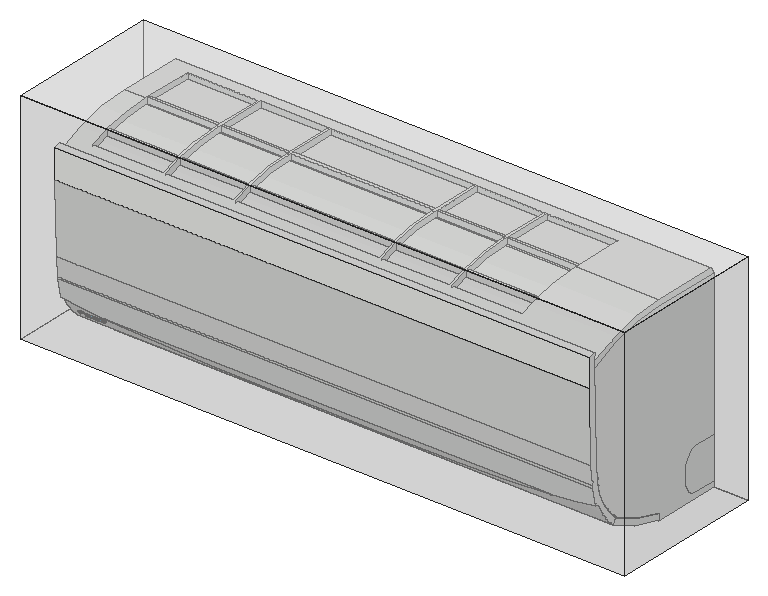
Revit family "outputfile", category 機械設備, Revit 2024
Family settings
  丸型コネクタ寸法 = 半径を使用
  パーツ タイプ = 標準
  OmniClass 番号 = 23.75.10.24.21.27.27
  OmniClass タイトル = Split System Air Conditioning Units
  作業面ベース = いいえ
  常に垂直 = はい
  ロード時にボイドで切り取り = いいえ
  注釈の向きを維持 = いいえ
  共有 = いいえ
  部屋計算ポイント = いいえ
Parameters (values of type "CTKC35RVM")
  Description = ""
  書き出し IFC クラス(タイプ) = "IfcUnitaryEquipmentType"
  定義済み IFC タイプ(タイプ) = "AIRCONDITIONINGUNIT"
  Cost = 0
  Type Comments = ""
  Keynote = ""
  Type Image = (empty or 0)
  Assembly Code = ""
  w_wall hole = if(Width = 770.0 mm, 48.0 mm, 60.0 mm)  # 48.0 mm
  製造元 = "Daikin"
  モデル = "CTKC35RVM"
  switch_frequency = yes
  r_Liquid Pipe Size = Liquid Pipe Size / 2  # 3.2 mm
  r_Gas Pipe Size = Gas Pipe Size / 2  # 4.75 mm
  r_Drain Pipe Size = Drain Pipe Size / 2  # 8.0 mm
  lw_powersupply [instance] = if(Width = 770.0 mm, if(or(Rear Right Connection_refrigerant, Bottom Right Connection_refrigerant), 25.0 mm, if(or(Rear Left Connection_refrigerant, Bottom Left Connection_refrigerant), 745.0 mm, 400.0 mm)), if(Width = 990.0 mm, if(or(Rear Right Connection_refrigerant, Bottom Right Connection_refrigerant), 40.0 mm, if(or(Rear Left Connection_refrigerant, Bottom Left Connection_refrigerant), 920.0 mm, 400.0 mm)), if(or(Rear Right Connection_refrigerant, Bottom Right Connection_refrigerant), 40.0 mm, if(or(Rear Left Connection_refrigerant, Bottom Left Connection_refrigerant), 920.0 mm, 400.0 mm))))  # 400.0 mm
  lw_liquidpipe [instance] = if(Width = 770.0 mm, if(or(Rear Right Connection_refrigerant, Bottom Right Connection_refrigerant), 0.0 mm, if(or(Rear Left Connection_refrigerant, Bottom Left Connection_refrigerant), 664.0 mm, 385.0 mm)), if(Width = 990.0 mm, if(or(Rear Right Connection_refrigerant, Bottom Right Connection_refrigerant), 0.0 mm, if(or(Rear Left Connection_refrigerant, Bottom Left Connection_refrigerant), 664.0 mm + (990.0 mm - 770.0 mm), 475.0 mm)), if(or(Rear Right Connection_refrigerant, Bottom Right Connection_refrigerant), 0.0 mm, if(or(Rear Left Connection_refrigerant, Bottom Left Connection_refrigerant), 664.0 mm + (990.0 mm - 770.0 mm), 475.0 mm))))  # 385.0 mm
  lw_gaspipe [instance] = if(Width = 770.0 mm, if(or(Rear Right Connection_refrigerant, Bottom Right Connection_refrigerant), 0.0 mm, if(or(Rear Left Connection_refrigerant, Bottom Left Connection_refrigerant), 675.0 mm, if(Gas Pipe Size = 12.7 mm, 345.0 mm, 335.0 mm))), if(Width = 990.0 mm, if(or(Rear Right Connection_refrigerant, Bottom Right Connection_refrigerant), 10.0 mm, if(or(Rear Left Connection_refrigerant, Bottom Left Connection_refrigerant), 890.0 mm, if(Gas Pipe Size = 15.9 mm, 410.0 mm, 400.0 mm))), if(or(Rear Right Connection_refrigerant, Bottom Right Connection_refrigerant), 10.0 mm, if(or(Rear Left Connection_refrigerant, Bottom Left Connection_refrigerant), 890.0 mm, if(Gas Pipe Size = 15.9 mm, 410.0 mm, 400.0 mm)))))  # 335.0 mm
  lw_drainpipe [instance] = if(Width = 770.0 mm, if(or(Rear Right Connection_refrigerant, Bottom Right Connection_refrigerant), 0.0 mm, if(or(Rear Left Connection_refrigerant, Bottom Left Connection_refrigerant), 770.0 mm - 48.0 mm - 48.0 mm, 440.0 mm)), if(Width = 990.0 mm, if(or(Rear Right Connection_refrigerant, Bottom Right Connection_refrigerant), 0.0 mm, if(or(Rear Left Connection_refrigerant, Bottom Left Connection_refrigerant), 675.0 mm + (990.0 mm - 770.0 mm), 435.0 mm)), if(or(Rear Right Connection_refrigerant, Bottom Right Connection_refrigerant), 0.0 mm, if(or(Rear Left Connection_refrigerant, Bottom Left Connection_refrigerant), 675.0 mm + (990.0 mm - 770.0 mm), 435.0 mm))))  # 440.0 mm
  l_powersupply_length [instance] = if(Width = 770.0 mm, if(Right Connection_refrigerant, 400.0 mm, if(Left Connection_refrigerant, 770.0 mm - 400.0 mm, if(or(Rear Left Connection_refrigerant, Rear Right Connection_refrigerant), 15.0 mm, 50.0 mm))), if(Width = 990.0 mm, if(Right Connection_refrigerant, 400.0 mm, if(Left Connection_refrigerant, 990.0 mm - 400.0 mm, if(or(Rear Left Connection_refrigerant, Rear Right Connection_refrigerant), 15.0 mm, 50.0 mm))), if(Right Connection_refrigerant, 400.0 mm, if(Left Connection_refrigerant, 990.0 mm - 400.0 mm, if(or(Rear Left Connection_refrigerant, Rear Right Connection_refrigerant), 15.0 mm, 50.0 mm)))))  # 400.0 mm
  l_liquidpipe_length [instance] = if(Width = 770.0 mm, if(Right Connection_refrigerant, 433.0 mm, if(Left Connection_refrigerant, 337.0 mm, if(or(Rear Left Connection_refrigerant, Rear Right Connection_refrigerant), 30.0 mm, 40.0 mm))), if(Width = 990.0 mm, if(Right Connection_refrigerant, 535.0 mm, if(Left Connection_refrigerant, 455.0 mm, if(or(Rear Left Connection_refrigerant, Rear Right Connection_refrigerant), 30.0 mm, 40.0 mm))), if(Right Connection_refrigerant, 535.0 mm, if(Left Connection_refrigerant, 455.0 mm, if(or(Rear Left Connection_refrigerant, Rear Right Connection_refrigerant), 30.0 mm, 40.0 mm)))))  # 433.0 mm
  l_gaspipe_length [instance] = if(Width = 770.0 mm, if(Right Connection_refrigerant, if(Gas Pipe Size = 12.7 mm, 393.0 mm, 383.0 mm), if(Left Connection_refrigerant, if(Gas Pipe Size = 12.7 mm, 770.0 mm - 393.0 mm, 770.0 mm - 383.0 mm), if(or(Rear Left Connection_refrigerant, Rear Right Connection_refrigerant), 40.0 mm, 50.0 mm))), if(Width = 990.0 mm, if(Right Connection_refrigerant, if(Gas Pipe Size = 15.9 mm, 470.0 mm, 460.0 mm), if(Left Connection_refrigerant, if(Gas Pipe Size = 15.9 mm, 990.0 mm - 470.0 mm, 990.0 mm - 460.0 mm), if(or(Rear Left Connection_refrigerant, Rear Right Connection_refrigerant), 40.0 mm, 50.0 mm))), if(Right Connection_refrigerant, if(Gas Pipe Size = 15.9 mm, 470.0 mm, 460.0 mm), if(Left Connection_refrigerant, if(Gas Pipe Size = 15.9 mm, 990.0 mm - 470.0 mm, 990.0 mm - 460.0 mm), if(or(Rear Left Connection_refrigerant, Rear Right Connection_refrigerant), 40.0 mm, 50.0 mm)))))  # 383.0 mm
  l_drainpipe_length [instance] = if(Width = 770.0 mm, if(Right Connection_refrigerant, 488.0 mm, if(Left Connection_refrigerant, 282.0 mm, if(or(Rear Left Connection_refrigerant, Rear Right Connection_refrigerant), 15.0 mm, 20.0 mm))), if(Width = 990.0 mm, if(Right Connection_refrigerant, 495.0 mm, if(Left Connection_refrigerant, 495.0 mm, if(or(Rear Left Connection_refrigerant, Rear Right Connection_refrigerant), 15.0 mm, 20.0 mm))), if(Right Connection_refrigerant, 495.0 mm, if(Left Connection_refrigerant, 495.0 mm, if(or(Rear Left Connection_refrigerant, Rear Right Connection_refrigerant), 15.0 mm, 20.0 mm)))))  # 488.0 mm
  h*** = 0.0 mm  # constant formula
  connector_voltage = Voltage_50Hz  # 230 V
  connector_powerinput = [Power Input (Cooling)]  # 0.000 kW
  connector_phase = Phase_50Hz  # 1
  angle_vertical [instance] = if(or(Bottom Left Connection_refrigerant, Bottom Right Connection_refrigerant), 0.00°, 90.00°)  # 90.00°
  angle_horizontal [instance] = if(Right Connection_refrigerant, 90.00°, if(Left Connection_refrigerant, -90.00°, if(or(Rear Left Connection_refrigerant, Rear Right Connection_refrigerant), 180.00°, 0.00°)))  # 90.00°
  Width = 770.0 mm
  Voltage_comment_50Hz = "220 - 240"
  Voltage_50Hz = 230 V
  Version = "ver.1.0"
  Unit Type = "Wall Mounted"
  Unit Mass Weight = 9.00 kg
  Unit Designation [instance] = ""
  Uniclass2015Version = "Products v1.30"
  Uniclass2015Title = "Split coil room air conditioning units"
  Uniclass2015Code = "Pr_70_65_03_86"
  URL = ""
  Total Cooling Capacity [instance] = 0.000 kW
  Sound Pressure Level_M speed (dBA) = 0
  Sound Pressure Level_L speed (dBA) = 22
  Sound Pressure Level_H speed (dBA) = 39
  Sound Power Level_H speed (dB) = 0
  Series = "Multi Split_Fan Coil Unit"
  Sensible Cooling Capacity [instance] = 0.000 kW
  Refrigerant Type = "R32"
  Power Input (Cooling) = 0.000 kW
  Phase_50Hz = 1
  Option Accessory 3 [instance] = ""
  Option Accessory 2 [instance] = ""
  Option Accessory 1 [instance] = ""
  Nominal Cooling Capacity = 3.500 kW
  Minimum Circuit Amps_50Hz = 0.0 A
  Minimum Airflow = 402.00 m³/h
  Median Airflow = 558.00 m³/h
  Maximum Fuse Amps_50Hz = 0.0 A
  Maximum Airflow = 690.00 m³/h
  Material_Casing = DAIKIN_White_Casing_indoorunit
  Load Classification = HVAC
  Liquid Pipe Size = 6.4 mm
  Link_Nested Family [instance] = ""
  IfcVersion = ""
  IfcExportType = "AIRCONDITIONINGUNIT"
  IfcExportAs = "IfcUnitaryEquipmentType"
  Height = 285.0 mm
  Heat Exchanger Type = "Cross Fin Coil"
  Gas Pipe Size = 9.5 mm
  Frequency_50Hz = 50 Hz
  Fan Type = "Cross Flow Fan"
  Fan Drive = "Direct Drive"
  FCU Tag No. [instance] = ""
  Drain Pipe Size = 16.0 mm
  Design Supply Airflow [instance] = 0.00 m³/h
  Depth = 223.0 mm
  既定の高さ = 0.0 mm
  Cooling Entering Wet Bulb Temperature [instance] = 0.00 °C
  Cooling Entering Dry Bulb Temperature [instance] = 0.00 °C
  Cooling Ambient Wet Bulb Temperature [instance] = 0.00 °C
  Cooling Ambient Dry Bulb Temperature [instance] = 0.00 °C
  Clearance visibility [instance] = yes
  Clearance Top = 30.0 mm
  Clearance Right = 50.0 mm
  Clearance Rear = 0.0 mm
  Clearance Left = 50.0 mm
  Clearance Front = 0.0 mm
  Clearance Bottom = 0.0 mm
  Bottom Right Connection_refrigerant [instance] = no
  Bottom Left Connection_refrigerant [instance] = no
  Rear Right Connection_refrigerant [instance] = no
  Rear Left Connection_refrigerant [instance] = no
  Right Connection_refrigerant [instance] = yes
  Left Connection_refrigerant [instance] = no
Reference planes
  plane 1 "Back": y = 0
  plane 2: z = 0
  plane 3 "Center (Left/Right)": x = 0
  plane 4 "Center (Front/Back)": y = -111.5
  plane 5 "Front": y = -223
  plane 6 "Left": x = -385
  plane 7 "Right": x = 385
  plane 8 "Top": z = 0
  plane 9 "Bottom": z = -285
  plane 10: x = -435
  plane 11: x = 435
  plane 12: y = 0
  plane 13: y = -223
  plane 14: z = 30
  plane 15: z = -285
  plane 16 "lw_Piping and Wiring intake": x = 337
  plane 17 "lw_gaspipe": x = 2
  plane 18 "lw_liquidpipe": x = -48
  plane 19 "lw_drainpipe": x = -103
  plane 20 "lh_drainpipe": z = -265
  plane 21 "lh_liquidpipe": z = -245
  plane 22 "lh_gaspipe": z = -235
  plane 23 "ld_drainpipe": y = -15
  plane 24 "ld_liquidpipe": y = -30
  plane 25 "ld_gaspipe": y = -40
  plane 26 "lw_powersupply": x = -15
Dimensions and locks
  equal spacing: plane 6 "Left", plane 3 "Center (Left/Right)", plane 7 "Right"
  "Width": plane 6 "Left" to plane 7 "Right"
  equal spacing: plane 5 "Front", plane 4 "Center (Front/Back)", plane 1 "Back"
  "Depth": plane 5 "Front" to plane 1 "Back"
  "Height": plane 8 "Top" to plane 9 "Bottom"
  "Clearance Rear": plane 12 to plane 1 "Back"
  "Clearance Front": plane 13 to plane 5 "Front"
  "Clearance Top": plane 14 to plane 8 "Top"
  "Clearance Bottom": plane 9 "Bottom" to plane 15
  "w_wall hole": plane 16 "lw_Piping and Wiring intake" to plane 7 "Right"
  "lw_gaspipe": plane 17 "lw_gaspipe" to plane 16 "lw_Piping and Wiring intake"
  "lw_liquidpipe": plane 18 "lw_liquidpipe" to plane 16 "lw_Piping and Wiring intake"
  "lw_drainpipe": plane 19 "lw_drainpipe" to plane 16 "lw_Piping and Wiring intake"
  locked: plane 20 "lh_drainpipe" to plane 9 "Bottom" at 20
  locked: plane 21 "lh_liquidpipe" to plane 9 "Bottom" at 40
  locked: plane 22 "lh_gaspipe" to plane 9 "Bottom" at 50
  locked: plane 23 "ld_drainpipe" to plane 1 "Back" at 15
  locked: plane 1 "Back" to plane 24 "ld_liquidpipe" at 30
  locked: plane 1 "Back" to plane 25 "ld_gaspipe" at 40
  "lw_powersupply": plane 26 "lw_powersupply" to plane 7 "Right"
  "Clearance Right": plane 7 "Right" to plane 11
  "Clearance Left": plane 10 to plane 6 "Left"
  aligned and locked: level to plane 2
  aligned and locked: plane 12 to nested 1
  aligned and locked: nested 1 to plane 13
  aligned and locked: plane 10 to nested 1
  aligned and locked: plane 11 to nested 1
  aligned and locked: plane 15 to nested 1
  aligned and locked: plane 14 to nested 1
  aligned and locked: plane 17 "lw_gaspipe" to nested 2
  aligned and locked: nested 2 to plane 25 "ld_gaspipe"
  aligned and locked: plane 18 "lw_liquidpipe" to nested 3
  aligned and locked: nested 3 to plane 24 "ld_liquidpipe"
  aligned and locked: plane 19 "lw_drainpipe" to nested 4
  aligned and locked: nested 4 to plane 23 "ld_drainpipe"
  aligned and locked: nested 5 to plane 23 "ld_drainpipe"
  aligned and locked: plane 26 "lw_powersupply" to nested 5
  aligned and locked: level to plane 8 "Top"
  aligned and locked: plane 3 "Center (Left/Right)" to nested 6
  aligned and locked: plane 1 "Back" to nested 6
  aligned and locked: plane 8 "Top" to nested 6
Nested families
  nested 1: "daikin_clearancespace" at (0, -111.5, -127.381), show <- "Clearance visibility", visible <- "Clearance visibility", Link_Nested Family <- "Link_Nested Family", type "daikin_clearancespace"
    with width 870.0 mm, show yes, height 315.0 mm, depth 223.0 mm, Link_Nested Family ""
  nested 2: "daikin_connector_rotate3" at (2, -40, -235), angle_vertical <- "angle_vertical", angle_horizontal <- "angle_horizontal", length <- "l_gaspipe_length", radius <- "r_Gas Pipe Size", type "daikin_connector_rotate3"
    with show no, radius 4.75 mm, length 383.0 mm, angle_vertical 90.00°, angle_horizontal 90.00°
  nested 3: "daikin_connector_rotate3" at (-48, -30, -245), angle_vertical <- "angle_vertical", angle_horizontal <- "angle_horizontal", radius <- "r_Liquid Pipe Size", length <- "l_liquidpipe_length", type "daikin_connector_rotate3"
    with show no, radius 3.2 mm, length 433.0 mm, angle_vertical 90.00°, angle_horizontal 90.00°
  nested 4: "daikin_connector_rotate3" at (-103, -15, -265), angle_vertical <- "angle_vertical", angle_horizontal <- "angle_horizontal", length <- "l_drainpipe_length", radius <- "r_Drain Pipe Size", type "daikin_connector_rotate3"
    with show no, radius 8.0 mm, length 488.0 mm, angle_vertical 90.00°, angle_horizontal 90.00°
  nested 5: "daikin_connector_rotate3" at (-15, -15, -235), angle_vertical <- "angle_vertical", angle_horizontal <- "angle_horizontal", length <- "l_powersupply_length", type "daikin_connector_rotate3"
    with show no, radius 10.0 mm, length 400.0 mm, angle_vertical 90.00°, angle_horizontal 90.00°
  nested 6: "DAIKIN_indoorunit_CTKC-RVM" at (-31, 0, 0), type "CTKC-RVM"
Connectors
  piping at (385, -40, -235), diameter 9.5, driven by "r_Gas Pipe Size"
    settings: on nested 2, index 1, connector inside diameter 609.6 mm, connector length 0.0 mm, flow factor 0, pipe flow 0.00 m³/h, pressure drop 0.0 Pa, fitting loss kfactor 0, connector angle 0.00°, fixture units 0, engagement length 0.0 mm, angle of deflection 0.00°, flow configuration 1, flow direction 2, fitting loss method 0, system type 29, joint type 0, gender type 0, connector reference index -1, connector utility 0, adjustable connector no, is connector primary yes, connector description "Refrigerant Gas Piping"
  piping at (385, -30, -245), diameter 6.4, driven by "r_Liquid Pipe Size"
    settings: on nested 3, index 2, connector inside diameter 609.6 mm, connector length 0.0 mm, flow factor 0, pipe flow 0.00 m³/h, pressure drop 0.0 Pa, fitting loss kfactor 0, connector angle 0.00°, fixture units 0, engagement length 0.0 mm, angle of deflection 0.00°, flow configuration 1, flow direction 1, fitting loss method 0, system type 29, joint type 0, gender type 0, connector reference index -1, connector utility 0, adjustable connector no, is connector primary no, connector description "Refrigerant Liquid Piping"
  piping at (385, -15, -265), diameter 16, driven by "r_Drain Pipe Size"
    settings: on nested 4, index 3, connector inside diameter 609.6 mm, connector length 0.0 mm, flow factor 0, pipe flow 0.00 m³/h, pressure drop 0.0 Pa, fitting loss kfactor 0, connector angle 0.00°, fixture units 0, engagement length 0.0 mm, angle of deflection 0.00°, flow configuration 1, flow direction 2, fitting loss method 4, system type 16, joint type 0, gender type 0, connector reference index -1, connector utility 0, adjustable connector no, is connector primary no, connector description "Condensate Drain Piping"
  electrical at (385, -15, -235), driven by "Load Classification", driven by "connector_powerinput", driven by "connector_phase", driven by "connector_voltage"
    settings: on nested 5, index 4, voltage 230 V, apparent load 0 VA, apparent load phase1 0 VA, apparent load phase2 0 VA, apparent load phase3 0 VA, power factor 1, load classification "HVAC", number of poles 1, system type 30, power factor state 1, is connector primary yes, connector utility no, sub classification motor no, connector description "Power Supply"
Definition of nested family "daikin_clearancespace"
  Parameters (values of type "daikin_clearancespace")
    Description = "daikin_clearancespace"
    width [instance] = 1823.963 mm
    show [instance] = yes
    material = none
    height [instance] = 1359.762 mm
    depth [instance] = 880.0 mm
    Default Elevation = 0.0 mm
    Link_Nested Family [instance] = ""
  Reference planes
    plane 1 "Center (Front/Back)": y = 0
    plane 2 "Center (Elevation)": z = -0.119
    plane 3 "Center (Left/Right)": x = 0
    plane 4: y = 440
    plane 5: y = -440
    plane 6 "Right": x = 911.982
    plane 7 "Left": x = -911.982
    plane 8 "Top": z = 679.762
    plane 9 "Bottom": z = -680
  Forms (mm)
    Extrusion 1, solid, material <- "material", visible <- "show"
      sketch origin (0, 0, 0) x (1, 0, 0) y (0, 1, 0)
        loop
          line (-911.982, 440) -> (-911.982, -440) -> (911.982, -440) -> (911.982, 440) -> (-911.982, 440)
      from -680 to 679.762
  Lines and regions (mm)
    symbolic lines, visible <- "show"
      curve 1: line (911.982, 440, 0) -> (-911.982, 440, 0)
      curve 2: line (-911.982, 440, 0) -> (-911.982, -440, 0)
      curve 3: line (-911.982, -440, 0) -> (911.982, -440, 0)
      curve 4: line (911.982, -440, 0) -> (911.982, 440, 0)
      curve 5: line (911.982, 0, 679.762) -> (-911.982, 0, 679.762)
      curve 6: line (911.982, 0, -680) -> (911.982, 0, 679.762)
      curve 7: line (-911.982, 0, -680) -> (911.982, 0, -680)
      curve 8: line (-911.982, 0, 679.762) -> (-911.982, 0, -680)
      curve 9: line (0, 440, 679.762) -> (0, -440, 679.762)
      curve 10: line (0, -440, 679.762) -> (0, -440, -680)
      curve 11: line (0, 440, -680) -> (0, 440, 679.762)
      curve 12: line (0, -440, -680) -> (0, 440, -680)
  Dimensions and locks
    "width": plane 7 "Left" to plane 6 "Right"
    "depth": plane 4 to plane 5
    "height": plane 8 "Top" to plane 9 "Bottom"
    equal spacing: plane 7 "Left", plane 3 "Center (Left/Right)", plane 6 "Right"
    equal spacing: plane 4, plane 1 "Center (Front/Back)", plane 5
    equal spacing: plane 8 "Top", plane 2 "Center (Elevation)", plane 9 "Bottom"
    aligned and locked: level to plane 2 "Center (Elevation)"
    aligned and locked: Extrusion 1 sketch curve to plane 4
    aligned and locked: plane 7 "Left" to Extrusion 1 sketch curve
    aligned and locked: Extrusion 1 sketch curve to plane 5
    aligned and locked: Extrusion 1 sketch curve to plane 6 "Right"
    aligned and locked: plane 8 "Top" to Extrusion 1
    aligned and locked: curve 1 to Extrusion 1
    aligned and locked: curve 2 to Extrusion 1
    aligned and locked: curve 3 to Extrusion 1
    aligned and locked: curve 4 to Extrusion 1
    aligned and locked: curve 5 to Extrusion 1
    aligned and locked: curve 6 to Extrusion 1
    aligned and locked: curve 7 to Extrusion 1
    aligned and locked: curve 8 to Extrusion 1
    aligned and locked: curve 9 to Extrusion 1
    aligned and locked: curve 10 to Extrusion 1
    aligned and locked: curve 11 to Extrusion 1
    aligned and locked: curve 12 to Extrusion 1
    aligned and locked: Extrusion 1 to plane 9 "Bottom"
Definition of nested family "DAIKIN_indoorunit_CTKC-RVM"
  Parameters (values of type "FTKM-QVMA")
    Material_Casing = none
    Default Elevation = 0.0 mm
  Reference planes
    plane 1 "Center (Front/Back)": y = 0
    plane 2 "reference_level": z = 0
    plane 3 "Center (Left/Right)": x = 31
    plane 4: x = -354
    plane 5: x = 416
    plane 6: z = -285
  Forms (mm)
    Extrusion 1, solid, material <- "Material_Casing"
      sketch origin (29, 0, 0) x (0, 1, 0) y (0, 0, 1)
        loop
          line (-5, 0) -> (-98, 0)
          arc (-98, 0) -> (-157.611, -7.211) -> (-213.783, -28.427) r 250
          arc (-213.783, -28.427) -> (-213.842, -32.972) -> (-213.892, -37.516) r 2191
          arc (-213.892, -37.516) -> (-157.832, -15.495) -> (-98.07, -8) r 242
          line (-98.07, -8) -> (0, -8) -> (-5, 0)
      from -383 to 387
    Extrusion 2, solid, material <- "Material_Casing"
      sketch origin (416, 1296.25, 1200) x (0, 1, 0) y (0, 0, 1)
        loop
          line (-1472.998, -1446.91) -> (-1476.998, -1453.839)
          arc (-1476.998, -1453.839) -> (-1437.481, -1472.422) -> (-1395.25, -1483.538) r 240
          line (-1395.25, -1483.538) -> (-1395.25, -1475.422)
          arc (-1395.25, -1475.422) -> (-1435.407, -1464.663) -> (-1472.998, -1446.91) r 232
      from 0 to -47.5
    Extrusion 3, solid, material <- "Material_Casing"
      sketch origin (29, 0, 0) x (0, 1, 0) y (0, 0, 1)
        loop
          arc (-223, -60.455) -> (-222.414, -110.646) -> (-220.656, -160.81) r 2149.92
          arc (-220.656, -160.81) -> (-219.65, -174.299) -> (-217.853, -187.706) r 229.911
          arc (-217.853, -187.706) -> (-205.371, -223.594) -> (-181.517, -253.17) r 111
          line (-181.517, -253.17) -> (-177.429, -246.093)
          arc (-177.429, -246.093) -> (-198.77, -218.989) -> (-209.965, -186.36) r 103
          arc (-209.965, -186.36) -> (-211.681, -173.586) -> (-212.651, -160.735) r 221.844
          arc (-212.651, -160.735) -> (-214.739, -93.233) -> (-214.74, -25.699) r 2186.828
          arc (-214.74, -25.699) -> (-214.671, -21.467) -> (-214.594, -17.235) r 2192
          line (-214.594, -17.235) -> (-223, -19.961) -> (-223, -60.455)
      from -383 to 387
    Extrusion 4, solid, material <- "Material_Casing"
      sketch origin (29, 0, 0) x (0, 1, 0) y (0, 0, 1)
        loop
          line (-181.517, -253.17) -> (-179.597, -249.846)
          arc (-179.597, -249.846) -> (-202.009, -221.399) -> (-213.189, -186.952) r 103
          line (-213.189, -186.952) -> (-217.853, -187.706)
          arc (-217.853, -187.706) -> (-217.533, -189.556) -> (-217.182, -191.4) r 111
          arc (-217.182, -191.4) -> (-213.806, -208.181) -> (-210.362, -224.948) r 4257.809
          arc (-210.362, -224.948) -> (-198.886, -237.857) -> (-186.225, -249.607) r 180
          line (-186.225, -249.607) -> (-181.517, -253.17)
      from -383 to 387
    Extrusion 5, solid, material <- "Material_Casing"
      sketch origin (29, 0, -20) x (0, 1, 0) y (0, 0, 1)
        loop
          line (0, -265) -> (0, 12) -> (-98.07, 12)
          arc (-98.07, 12) -> (-157.832, 4.505) -> (-213.892, -17.516) r 242
          arc (-213.892, -17.516) -> (-213.638, -79.114) -> (-211.653, -140.681) r 2191
          arc (-211.653, -140.681) -> (-210.685, -153.501) -> (-208.973, -166.243) r 221
          arc (-208.973, -166.243) -> (-197.471, -199.282) -> (-175.482, -226.491) r 102
          arc (-175.482, -226.491) -> (-138.004, -244.019) -> (-98, -254.579) r 231
          line (-98, -254.579) -> (-98, -265) -> (0, -265)
      from -383 to 387
    Extrusion 6, solid, material <- "Material_Casing"
      sketch origin (-354, 1296.25, 1200) x (0, 1, 0) y (0, 0, 1)
        loop
          line (-1472.998, -1446.91) -> (-1476.998, -1453.839)
          arc (-1476.998, -1453.839) -> (-1437.481, -1472.422) -> (-1395.25, -1483.538) r 240
          line (-1395.25, -1483.538) -> (-1395.25, -1475.422)
          arc (-1395.25, -1475.422) -> (-1435.407, -1464.663) -> (-1472.998, -1446.91) r 232
      from 47 to 0
    Extrusion 7, solid, material <- "Material_Casing"
      sketch origin (416, 1296.25, 1200) x (0, 1, 0) y (0, 0, 1)
        loop
          line (-1472.998, -1446.91) -> (-1476.998, -1453.839)
          arc (-1476.998, -1453.839) -> (-1443.437, -1470.168) -> (-1407.75, -1481.097) r 240
          line (-1407.75, -1481.097) -> (-1407.75, -1472.894)
          arc (-1407.75, -1472.894) -> (-1441.363, -1462.385) -> (-1472.998, -1446.91) r 232
      from -116.993 to -48.493
    Extrusion 8, solid, material <- "Material_Casing"
      sketch origin (416, 1296.25, 1200) x (0, 1, 0) y (0, 0, 1)
        loop
          line (-1472.998, -1446.91) -> (-1476.998, -1453.839)
          arc (-1476.998, -1453.839) -> (-1443.437, -1470.168) -> (-1407.75, -1481.097) r 240
          line (-1407.75, -1481.097) -> (-1407.75, -1472.894)
          arc (-1407.75, -1472.894) -> (-1441.363, -1462.385) -> (-1472.998, -1446.91) r 232
      from -717 to -121.993
    Extrusion 9, void
      sketch origin (31, 0, -235) x (1, 0, 0) y (0, 1, 0)
        loop
          line (-252.674, -22.316) -> (-354.941, -22.316) -> (-354.941, -91.341) -> (-252.674, -91.341) -> (-252.674, -22.316)
        loop
          line (-249.341, -91.341) -> (-151.574, -91.341) -> (-151.574, -22.316) -> (-249.341, -22.316) -> (-249.341, -91.341)
        loop
          line (58.309, -22.316) -> (-148.309, -22.316) -> (-148.309, -91.341) -> (58.309, -91.341) -> (58.309, -22.316)
        loop
          line (61.689, -22.316) -> (61.689, -91.341) -> (159.457, -91.341) -> (159.457, -22.316) -> (61.689, -22.316)
        loop
          line (162.789, -22.316) -> (162.789, -91.341) -> (265.057, -91.341) -> (265.057, -22.316) -> (162.789, -22.316)
        loop
          line (-354.941, -94.659) -> (-354.941, -165.259) -> (-252.674, -165.259) -> (-252.674, -94.659) -> (-354.941, -94.659)
        loop
          line (-249.341, -94.659) -> (-249.341, -165.259) -> (-151.574, -165.259) -> (-151.574, -94.659) -> (-249.341, -94.659)
        loop
          line (-148.309, -94.659) -> (-148.309, -165.259) -> (58.309, -165.259) -> (58.309, -94.659) -> (-148.309, -94.659)
        loop
          line (61.689, -94.659) -> (61.689, -165.259) -> (159.457, -165.259) -> (159.457, -94.659) -> (61.689, -94.659)
        loop
          line (162.789, -94.659) -> (162.789, -165.259) -> (265.057, -165.259) -> (265.057, -94.659) -> (162.789, -94.659)
        loop
          line (-354.941, -167.382) -> (-354.941, -192.681) -> (-252.674, -192.681) -> (-252.674, -167.382) -> (-354.941, -167.382)
        loop
          line (-249.341, -167.382) -> (-249.341, -192.681) -> (-151.574, -192.681) -> (-151.574, -167.382) -> (-249.341, -167.382)
        loop
          line (-148.309, -167.382) -> (-148.309, -192.681) -> (58.309, -192.681) -> (58.309, -167.382) -> (-148.309, -167.382)
        loop
          line (159.457, -167.382) -> (61.689, -167.382) -> (61.689, -192.681) -> (159.457, -192.681) -> (159.457, -167.382)
        loop
          line (265.057, -167.382) -> (162.789, -167.382) -> (162.789, -192.681) -> (265.057, -192.681) -> (265.057, -167.382)
      from 201.638 to 250
    Extrusion 10, void
      sketch origin (31, 0, 0) x (1, 0, 0) y (0, 0, 1)
        loop
          arc (597, -174.907) -> (0.056, -245.263) -> (-597, -175.856) r 2585.042
          line (-597, -175.856) -> (-597, -352.872) -> (597, -352.872) -> (597, -174.907)
      from 173 to 315.3
    Extrusion 11, solid, material <- "Material_Casing"
      sketch origin (31, 0, 0) x (1, 0, 0) y (0, 0, 1)
        loop
          circle (337, -240.5) r 32.5
        loop
          circle (-337, -240.5) r 32.5
      from 0 to 5
    Extrusion 12, solid, material <- "Material_Casing"
      sketch origin (416, 1296.25, 1200) x (0, -1, 0) y (0, 0, 1)
        loop
          line (1326.25, -1417) -> (1296.25, -1417) -> (1296.25, -1477) -> (1326.25, -1477)
          arc (1326.25, -1477) -> (1340.393, -1471.142) -> (1346.25, -1457) r 20
          line (1346.25, -1457) -> (1346.25, -1437)
          arc (1346.25, -1437) -> (1340.393, -1422.858) -> (1326.25, -1417) r 20
      from 0 to 5
    Extrusion 13, solid, material <- "Material_Casing"
      sketch origin (-354, 1296.25, 1200) x (0, 1, 0) y (0, 0, 1)
        loop
          line (-1296.25, -1417) -> (-1326.25, -1417)
          arc (-1326.25, -1417) -> (-1340.393, -1422.858) -> (-1346.25, -1437) r 20
          line (-1346.25, -1437) -> (-1346.25, -1457)
          arc (-1346.25, -1457) -> (-1340.393, -1471.142) -> (-1326.25, -1477) r 20
          line (-1326.25, -1477) -> (-1296.25, -1477) -> (-1296.25, -1417)
      from 0 to 5
    Extrusion 14, solid, material <- "Material_Casing"
      sketch origin (31, 0, -285) x (-1, 0, 0) y (0, -1, 0)
        loop
          line (-314, 0) -> (-314, 30)
          arc (-314, 30) -> (-319.858, 44.142) -> (-334, 50) r 20
          line (-334, 50) -> (-354, 50)
          arc (-354, 50) -> (-368.142, 44.142) -> (-374, 30) r 20
          line (-374, 30) -> (-374, 0) -> (-314, 0)
        loop
          line (374, 0) -> (374, 30)
          arc (374, 30) -> (368.142, 44.142) -> (354, 50) r 20
          line (354, 50) -> (334, 50)
          arc (334, 50) -> (319.858, 44.142) -> (314, 30) r 20
          line (314, 30) -> (314, 0) -> (374, 0)
      from 0 to 5
  Cuts and joins
    Extrusion 9 cuts Extrusion 1
    Extrusion 10 cuts Extrusion 4
    joined: Extrusion 3, Extrusion 4
  Lines and regions (mm)
    reference lines
      curve 1: line (-523, -201.911, -229.404) -> (-523, -193.542, -239.977)
  Dimensions and locks
    locked: Extrusion 10 sketch curve to Extrusion 10 sketch curve at 1194
    Extrusion 10 sketch curve to Extrusion 10 sketch curve = 1194.0 mm
    locked: Extrusion 12 sketch curve to Extrusion 12 sketch curve at 60
    locked: Extrusion 12 sketch curve to Extrusion 12 sketch curve at 50
    locked: Extrusion 14 sketch curve to Extrusion 14 sketch curve at 60  (x2)
    locked: Extrusion 14 sketch curve to Extrusion 14 sketch curve at 50
    equal spacing: plane 5, plane 3 "Center (Left/Right)", plane 4
    plane 5 to plane 4 = 770.0 mm
    locked: Extrusion 11 sketch curve to plane 4 at 48
    plane 5 to Extrusion 11 sketch curve = 48.0 mm
    plane 2 "reference_level" to plane 6 = 285.0 mm
    locked: Extrusion 11 sketch curve to plane 6 at 44.5  (x2)
    locked: cut or joined group of Extrusion 3, Extrusion 4, Extrusion 10 to nested 1 at 15
    diameter of Extrusion 11 sketch curve = 65.0 mm  (x2)
    aligned and locked: level to plane 2 "reference_level"
    aligned and locked: nested 1 to curve 1
    aligned and locked: Extrusion 13 sketch curve to Extrusion 12  (x4)
    aligned and locked: Extrusion 14 sketch curve to Extrusion 14 sketch curve  (x2)
    aligned and locked: Extrusion 11 to plane 1 "Center (Front/Back)"
  Automatic sketch dimensions
    Extrusion 10 sketch curve to plane 3 "Center (Left/Right)" = 597.0 mm
    Extrusion 10 sketch curve to plane 3 "Center (Left/Right)" = 2.0 mm
    Extrusion 10 sketch curve to level = 352.872 mm
    Extrusion 10 sketch curve to level = 175.856 mm
    Extrusion 10 sketch curve to level = 174.907 mm
    curve 1 to level = 239.977 mm
    plane 1 "Center (Front/Back)" to curve 1 = 193.542 mm
    curve 1 to curve 1 = 10.573 mm
    curve 1 to curve 1 = 8.368 mm
    Extrusion 1 sketch curve to level = 0.0 mm
    Extrusion 1 sketch curve to plane 1 "Center (Front/Back)" = 0.0 mm
    plane 1 "Center (Front/Back)" to Extrusion 1 sketch curve = 5.0 mm
    plane 1 "Center (Front/Back)" to Extrusion 1 sketch curve = 98.0 mm
    Extrusion 1 sketch curve to Extrusion 1 sketch curve = 0.07 mm
    Extrusion 1 sketch curve to level = 59.292 mm
    Extrusion 1 sketch curve to plane 1 "Center (Front/Back)" = 1977.0 mm
    Extrusion 1 sketch curve to level = 250.0 mm
    Extrusion 1 sketch curve to Extrusion 1 sketch curve = 0.0 mm
    Extrusion 1 sketch curve to level = 8.0 mm
    Extrusion 1 sketch curve to level = 28.427 mm
    plane 1 "Center (Front/Back)" to Extrusion 2 sketch curve = 180.748 mm
    Extrusion 2 sketch curve to Extrusion 2 sketch curve = 4.0 mm
    Extrusion 2 sketch curve to Extrusion 2 sketch curve = 77.747 mm
    plane 1 "Center (Front/Back)" to Extrusion 2 sketch curve = 59.279 mm
    Extrusion 2 sketch curve to Extrusion 2 sketch curve = 0.0 mm
    Extrusion 2 sketch curve to level = 283.538 mm
    Extrusion 2 sketch curve to Extrusion 2 sketch curve = 8.116 mm
    Extrusion 2 sketch curve to Extrusion 2 sketch curve = 21.583 mm
    Extrusion 2 sketch curve to Extrusion 2 sketch curve = 6.929 mm
    Extrusion 3 sketch curve to level = 19.961 mm
    plane 1 "Center (Front/Back)" to Extrusion 3 sketch curve = 223.0 mm
    Extrusion 3 sketch curve to level = 17.235 mm
    Extrusion 3 sketch curve to Extrusion 3 sketch curve = 8.406 mm
    plane 1 "Center (Front/Back)" to Extrusion 3 sketch curve = 181.517 mm
    Extrusion 3 sketch curve to Extrusion 3 sketch curve = 4.087 mm
    Extrusion 3 sketch curve to Extrusion 3 sketch curve = 69.11 mm
    Extrusion 3 sketch curve to Extrusion 3 sketch curve = 0.001 mm
    Extrusion 3 sketch curve to plane 1 "Center (Front/Back)" = 8.955 mm
    Extrusion 3 sketch curve to Extrusion 3 sketch curve = 0.067 mm
    Extrusion 3 sketch curve to level = 60.455 mm
    Extrusion 3 sketch curve to Extrusion 3 sketch curve = 1917.898 mm
    Extrusion 3 sketch curve to Extrusion 3 sketch curve = 44.907 mm
    Extrusion 3 sketch curve to Extrusion 3 sketch curve = 5.172 mm
    Extrusion 3 sketch curve to level = 150.456 mm
    Extrusion 3 sketch curve to Extrusion 3 sketch curve = 0.006 mm
    Extrusion 3 sketch curve to Extrusion 3 sketch curve = 19.265 mm
    Extrusion 3 sketch curve to Extrusion 3 sketch curve = 0.004 mm
    Extrusion 3 sketch curve to Extrusion 3 sketch curve = 76.368 mm
    Extrusion 3 sketch curve to Extrusion 3 sketch curve = 7.077 mm
    Extrusion 3 sketch curve to Extrusion 3 sketch curve = 1.002 mm
    Extrusion 3 sketch curve to Extrusion 3 sketch curve = 0.046 mm
    Extrusion 3 sketch curve to Extrusion 3 sketch curve = 8.005 mm
    Extrusion 3 sketch curve to Extrusion 3 sketch curve = 0.147 mm
    Extrusion 3 sketch curve to Extrusion 3 sketch curve = 0.0 mm
    plane 1 "Center (Front/Back)" to Extrusion 4 sketch curve = 217.853 mm
    Extrusion 4 sketch curve to Extrusion 4 sketch curve = 4.664 mm
    Extrusion 4 sketch curve to Extrusion 4 sketch curve = 26.964 mm
    Extrusion 4 sketch curve to Extrusion 4 sketch curve = 4.708 mm
    Extrusion 4 sketch curve to Extrusion 4 sketch curve = 1.92 mm
    Extrusion 4 sketch curve to Extrusion 4 sketch curve = 68.441 mm
    Extrusion 4 sketch curve to Extrusion 4 sketch curve = 2.837 mm
    Extrusion 4 sketch curve to Extrusion 4 sketch curve = 38.066 mm
    level to Extrusion 4 sketch curve = 640.031 mm
    Extrusion 4 sketch curve to plane 1 "Center (Front/Back)" = 3958.661 mm
    Extrusion 4 sketch curve to level = 111.946 mm
    Extrusion 4 sketch curve to Extrusion 4 sketch curve = 57.779 mm
    Extrusion 4 sketch curve to Extrusion 4 sketch curve = 3.149 mm
    Extrusion 4 sketch curve to Extrusion 4 sketch curve = 14.078 mm
    Extrusion 4 sketch curve to Extrusion 4 sketch curve = 0.754 mm
    Extrusion 4 sketch curve to Extrusion 4 sketch curve = 0.239 mm
    Extrusion 4 sketch curve to Extrusion 4 sketch curve = 3.324 mm
    Extrusion 4 sketch curve to Extrusion 4 sketch curve = 0.0 mm
    Extrusion 5 sketch curve to plane 1 "Center (Front/Back)" = 0.0 mm
    plane 1 "Center (Front/Back)" to Extrusion 5 sketch curve = 59.278 mm
    Extrusion 5 sketch curve to Extrusion 5 sketch curve = 98.0 mm
    Extrusion 5 sketch curve to Extrusion 5 sketch curve = 0.0 mm  (x3)
    Extrusion 5 sketch curve to level = 8.0 mm
    Extrusion 5 sketch curve to Extrusion 5 sketch curve = 38.791 mm
    Extrusion 5 sketch curve to Extrusion 5 sketch curve = 10.249 mm
    Extrusion 5 sketch curve to plane 1 "Center (Front/Back)" = 9.11 mm
    Extrusion 5 sketch curve to level = 59.292 mm
    Extrusion 5 sketch curve to Extrusion 5 sketch curve = 1967.89 mm
    Extrusion 5 sketch curve to Extrusion 5 sketch curve = 142.454 mm
    Extrusion 5 sketch curve to Extrusion 5 sketch curve = 19.271 mm
    Extrusion 5 sketch curve to Extrusion 5 sketch curve = 80.275 mm
    Extrusion 5 sketch curve to Extrusion 5 sketch curve = 24.579 mm
    Extrusion 5 sketch curve to Extrusion 5 sketch curve = 10.421 mm
    Extrusion 5 sketch curve to level = 46.847 mm
    Extrusion 5 sketch curve to Extrusion 5 sketch curve = 77.412 mm
    Extrusion 5 sketch curve to Extrusion 5 sketch curve = 33.49 mm
    Extrusion 5 sketch curve to Extrusion 5 sketch curve = 2.68 mm
    plane 1 "Center (Front/Back)" to Extrusion 6 sketch curve = 180.748 mm
    Extrusion 6 sketch curve to Extrusion 6 sketch curve = 4.0 mm
    Extrusion 6 sketch curve to Extrusion 6 sketch curve = 77.747 mm
    plane 1 "Center (Front/Back)" to Extrusion 6 sketch curve = 59.279 mm
    Extrusion 6 sketch curve to Extrusion 6 sketch curve = 0.0 mm
    Extrusion 6 sketch curve to level = 283.538 mm
    Extrusion 6 sketch curve to Extrusion 6 sketch curve = 8.116 mm
    Extrusion 6 sketch curve to Extrusion 6 sketch curve = 21.583 mm
    Extrusion 6 sketch curve to Extrusion 6 sketch curve = 6.929 mm
    plane 1 "Center (Front/Back)" to Extrusion 7 sketch curve = 180.748 mm
    Extrusion 7 sketch curve to Extrusion 7 sketch curve = 4.0 mm
    Extrusion 7 sketch curve to Extrusion 7 sketch curve = 65.247 mm
    plane 1 "Center (Front/Back)" to Extrusion 7 sketch curve = 59.279 mm
    Extrusion 7 sketch curve to Extrusion 7 sketch curve = 0.0 mm
    Extrusion 7 sketch curve to level = 281.097 mm
    Extrusion 7 sketch curve to Extrusion 7 sketch curve = 8.203 mm
    Extrusion 7 sketch curve to Extrusion 7 sketch curve = 19.055 mm
    Extrusion 7 sketch curve to Extrusion 7 sketch curve = 6.929 mm
    plane 1 "Center (Front/Back)" to Extrusion 8 sketch curve = 180.748 mm
    Extrusion 8 sketch curve to Extrusion 8 sketch curve = 4.0 mm
    Extrusion 8 sketch curve to Extrusion 8 sketch curve = 65.247 mm
    plane 1 "Center (Front/Back)" to Extrusion 8 sketch curve = 59.279 mm
    Extrusion 8 sketch curve to Extrusion 8 sketch curve = 0.0 mm
    Extrusion 8 sketch curve to level = 281.097 mm
    Extrusion 8 sketch curve to Extrusion 8 sketch curve = 8.203 mm
    Extrusion 8 sketch curve to Extrusion 8 sketch curve = 19.055 mm
    Extrusion 8 sketch curve to Extrusion 8 sketch curve = 6.929 mm
    plane 1 "Center (Front/Back)" to Extrusion 9 sketch curve = 165.259 mm  (x2)
    Extrusion 9 sketch curve to plane 3 "Center (Left/Right)" = 354.941 mm
    plane 1 "Center (Front/Back)" to Extrusion 9 sketch curve = 22.316 mm  (x3)
    Extrusion 9 sketch curve to Extrusion 9 sketch curve = 0.0 mm  (x26)
    Extrusion 9 sketch curve to Extrusion 9 sketch curve = 102.268 mm  (x2)
    Extrusion 9 sketch curve to Extrusion 9 sketch curve = 3.332 mm  (x4)
    Extrusion 9 sketch curve to Extrusion 9 sketch curve = 97.768 mm  (x2)
    Extrusion 9 sketch curve to Extrusion 9 sketch curve = 3.264 mm  (x3)
    plane 3 "Center (Left/Right)" to Extrusion 9 sketch curve = 58.309 mm
    Extrusion 9 sketch curve to Extrusion 9 sketch curve = 3.38 mm  (x3)
    Extrusion 9 sketch curve to Extrusion 9 sketch curve = 2.124 mm  (x6)
    Extrusion 9 sketch curve to Extrusion 9 sketch curve = 25.299 mm  (x2)
    Extrusion 9 sketch curve to Extrusion 9 sketch curve = 70.6 mm
    Extrusion 9 sketch curve to Extrusion 9 sketch curve = 3.317 mm  (x4)
    Extrusion 12 sketch curve to plane 1 "Center (Front/Back)" = 0.0 mm
    Extrusion 12 sketch curve to Extrusion 12 sketch curve = 20.0 mm  (x2)
    Extrusion 12 sketch curve to level = 277.0 mm
    plane 1 "Center (Front/Back)" to Extrusion 14 sketch curve = 0.0 mm
    plane 3 "Center (Left/Right)" to Extrusion 14 sketch curve = 374.0 mm
    Extrusion 14 sketch curve to Extrusion 14 sketch curve = 20.0 mm  (x3)
    plane 1 "Center (Front/Back)" to Extrusion 14 sketch curve = 30.0 mm
    Extrusion 14 sketch curve to plane 3 "Center (Left/Right)" = 314.0 mm
  Nested families
    nested 1: "daikin_logo_plane_w40" at (-320, -198.871, -233.244) x (1, 0, 0) z (0, -0.7841, -0.6206), type "daikin_logo_plane_w40"
      with show_logo yes
  Definition of nested family "daikin_logo_plane_w40"
    Parameters (values of type "daikin_logo_plane_w40")
      width = 40.0 mm
      show_logo [instance] = yes
      material = none
      height = 0.0 mm
      depth = 0.0 mm
      Default Elevation = 1219.2 mm
    Reference planes
      plane 1 "Center (Front/Back)": y = 0
      plane 2: z = 0
      plane 3 "Center (Left/Right)": x = 0
      plane 4: z = 2
      plane 5 "left": x = -19
      plane 6: x = 19
    Forms (mm)
      Extrusion 1, solid, visible <- "show_logo"
        sketch origin (-19, 0, 0) x (1, 0, 0) y (0, 1, 0)
          loop
            line (8.902, -1.878) -> (7.789, -6.332) -> (11.13, -6.332)
            arc (11.13, -6.332) -> (12.454, -6.064) -> (13.472, -5.176) r 2.642
            arc (13.472, -5.176) -> (13.92, -4.02) -> (13.767, -2.79) r 2.537
            arc (13.767, -2.79) -> (13.452, -2.342) -> (12.982, -2.06) r 1.321
            arc (12.982, -2.06) -> (12.063, -1.902) -> (11.13, -1.878) r 6.479
            line (11.13, -1.878) -> (8.902, -1.878)
          loop
            line (10.016, -5.441) -> (10.907, -5.441)
            arc (10.907, -5.441) -> (11.591, -4.983) -> (11.988, -4.261) r 1.742
            spline (11.988, -4.261) -> (12.01, -4.155) -> (12.027, -4.03) -> (12.037, -3.893) -> (12.037, -3.747) -> (12.026, -3.598) -> (12.002, -3.451) -> (11.962, -3.31) -> (11.905, -3.181) -> (11.829, -3.069) -> (11.731, -2.978) -> (11.61, -2.913) -> (11.464, -2.88)
            line (11.464, -2.88) -> (10.573, -2.88) -> (10.016, -5.441)
          loop
            line (13.58, -6.332) -> (14.805, -6.332) -> (15.223, -5.553) -> (16.977, -5.553) -> (17.144, -6.332) -> (19.149, -6.332) -> (18.258, -1.878) -> (16.03, -1.878) -> (13.58, -6.332)
          loop
            line (16.476, -3.214) -> (15.76, -4.551) -> (16.762, -4.551) -> (16.476, -3.214)
          loop
            line (19.705, -6.332) -> (21.599, -6.332) -> (22.712, -1.878) -> (20.819, -1.878) -> (19.705, -6.332)
          loop
            line (22.712, -6.332) -> (24.606, -6.332) -> (24.908, -5.122) -> (25.831, -6.332) -> (28.17, -6.332) -> (26.388, -3.994) -> (28.949, -1.878) -> (26.945, -1.878) -> (25.401, -3.153) -> (25.719, -1.878) -> (23.826, -1.878) -> (22.712, -6.332)
          loop
            line (29.84, -1.878) -> (28.615, -6.332) -> (30.62, -6.332) -> (31.734, -1.878) -> (29.84, -1.878)
          loop
            line (31.734, -6.332) -> (33.07, -6.332) -> (33.7, -3.814) -> (34.518, -6.332) -> (36.745, -6.332) -> (37.859, -1.878) -> (36.523, -1.878) -> (35.845, -4.589) -> (34.963, -1.878) -> (32.847, -1.878) -> (31.734, -6.332)
        from 0 to 2
      Extrusion 2, solid, visible <- "show_logo"
        sketch origin (-19, 0, 0) x (1, 0, 0) y (0, 1, 0)
          loop
            line (8.7, 0) -> (4.235, 0) -> (0, -3.879) -> (0, -8) -> (8.7, 0)
        from 0 to 2
      Extrusion 3, solid, visible <- "show_logo"
        sketch origin (-19, 0, 0) x (1, 0, 0) y (0, 1, 0)
          loop
            line (0, 0) -> (0, -3.879) -> (4.235, 0) -> (0, 0)
        from 0 to 2
    Dimensions and locks
      plane 4 to plane 2 = 2.0 mm
      equal spacing: plane 5 "left", plane 3 "Center (Left/Right)", plane 6
      locked: plane 5 "left" to plane 6 at 38
      aligned and locked: level to plane 2
      aligned and locked: Extrusion 3 to plane 1 "Center (Front/Back)"  (x2)
      aligned and locked: Extrusion 2 to plane 1 "Center (Front/Back)"  (x2)
      aligned and locked: plane 4 to Extrusion 1
      aligned and locked: plane 4 to Extrusion 3
      aligned and locked: plane 4 to Extrusion 2
      aligned and locked: Extrusion 3 to plane 5 "left"
      aligned and locked: Extrusion 2 to plane 5 "left"
    Automatic sketch dimensions
      Extrusion 1 sketch curve to Extrusion 1 sketch curve = 0.901 mm
      Extrusion 1 sketch curve to Extrusion 1 sketch curve = 1.559 mm
      Extrusion 1 sketch curve to Extrusion 1 sketch curve = 1.327 mm
      Extrusion 1 sketch curve to Extrusion 1 sketch curve = 2.145 mm
      Extrusion 1 sketch curve to Extrusion 1 sketch curve = 1.448 mm
      Extrusion 1 sketch curve to Extrusion 1 sketch curve = 2.116 mm
      Extrusion 1 sketch curve to Extrusion 1 sketch curve = 1.114 mm  (x4)
      Extrusion 1 sketch curve to Extrusion 1 sketch curve = 1.336 mm  (x2)
      plane 1 "Center (Front/Back)" to Extrusion 1 sketch curve = 1.878 mm  (x5)
      Extrusion 1 sketch curve to Extrusion 1 sketch curve = 1.893 mm  (x5)
      Extrusion 1 sketch curve to Extrusion 1 sketch curve = 0.891 mm  (x4)
      Extrusion 1 sketch curve to Extrusion 1 sketch curve = 2.005 mm  (x3)
      Extrusion 1 sketch curve to Extrusion 1 sketch curve = 0.445 mm  (x2)
      plane 1 "Center (Front/Back)" to Extrusion 1 sketch curve = 3.994 mm
      Extrusion 1 sketch curve to Extrusion 1 sketch curve = 0.557 mm  (x2)
      Extrusion 1 sketch curve to Extrusion 1 sketch curve = 2.339 mm  (x2)
      Extrusion 1 sketch curve to Extrusion 1 sketch curve = 1.225 mm  (x3)
      plane 1 "Center (Front/Back)" to Extrusion 1 sketch curve = 3.153 mm
      Extrusion 1 sketch curve to Extrusion 1 sketch curve = 0.987 mm
      plane 1 "Center (Front/Back)" to Extrusion 1 sketch curve = 5.122 mm
      Extrusion 1 sketch curve to Extrusion 1 sketch curve = 0.922 mm
      plane 1 "Center (Front/Back)" to Extrusion 1 sketch curve = 6.332 mm
      Extrusion 1 sketch curve to Extrusion 1 sketch curve = 2.562 mm
      plane 1 "Center (Front/Back)" to Extrusion 1 sketch curve = 5.553 mm
      Extrusion 1 sketch curve to Extrusion 1 sketch curve = 0.167 mm
      Extrusion 1 sketch curve to Extrusion 1 sketch curve = 0.215 mm
      plane 1 "Center (Front/Back)" to Extrusion 1 sketch curve = 3.214 mm
      Extrusion 1 sketch curve to Extrusion 1 sketch curve = 0.286 mm
      plane 1 "Center (Front/Back)" to Extrusion 1 sketch curve = 4.551 mm
      Extrusion 1 sketch curve to Extrusion 1 sketch curve = 1.002 mm
      Extrusion 1 sketch curve to Extrusion 1 sketch curve = 0.537 mm
      Extrusion 1 sketch curve to Extrusion 1 sketch curve = 0.418 mm
      Extrusion 1 sketch curve to Extrusion 1 sketch curve = 1.028 mm
      plane 1 "Center (Front/Back)" to Extrusion 1 sketch curve = 4.261 mm
      Extrusion 1 sketch curve to Extrusion 1 sketch curve = 0.563 mm
      plane 1 "Center (Front/Back)" to Extrusion 1 sketch curve = 2.88 mm
      Extrusion 1 sketch curve to Extrusion 1 sketch curve = 1.088 mm
      Extrusion 1 sketch curve to Extrusion 1 sketch curve = 2.152 mm
      Extrusion 1 sketch curve to Extrusion 1 sketch curve = 0.586 mm
      Extrusion 1 sketch curve to Extrusion 1 sketch curve = 0.118 mm
      Extrusion 1 sketch curve to Extrusion 1 sketch curve = 0.298 mm
      Extrusion 1 sketch curve to Extrusion 1 sketch curve = 0.334 mm
      Extrusion 1 sketch curve to Extrusion 1 sketch curve = 0.223 mm
      Extrusion 1 sketch curve to Extrusion 1 sketch curve = 0.266 mm
      Extrusion 1 sketch curve to Extrusion 1 sketch curve = 1.671 mm
      Extrusion 1 sketch curve to Extrusion 1 sketch curve = 2.227 mm
      Extrusion 1 sketch curve to Extrusion 1 sketch curve = 0.0 mm  (x7)
      Extrusion 1 sketch curve to Extrusion 1 sketch curve = 3.453 mm
      Extrusion 1 sketch curve to Extrusion 1 sketch curve = 2.017 mm
      Extrusion 1 sketch curve to Extrusion 1 sketch curve = 0.78 mm  (x2)
      Extrusion 1 sketch curve to Extrusion 1 sketch curve = 1.743 mm
      Extrusion 1 sketch curve to Extrusion 1 sketch curve = 0.775 mm
      Extrusion 1 sketch curve to Extrusion 1 sketch curve = 0.552 mm
      Extrusion 1 sketch curve to Extrusion 1 sketch curve = 0.014 mm
      Extrusion 1 sketch curve to Extrusion 1 sketch curve = 0.952 mm
      Extrusion 1 sketch curve to Extrusion 1 sketch curve = 1.215 mm
      Extrusion 1 sketch curve to Extrusion 1 sketch curve = 0.108 mm
      plane 1 "Center (Front/Back)" to Extrusion 2 sketch curve = 0.0 mm
      Extrusion 2 sketch curve to plane 3 "Center (Left/Right)" = 19.0 mm
      Extrusion 2 sketch curve to plane 3 "Center (Left/Right)" = 14.765 mm
      Extrusion 2 sketch curve to Extrusion 2 sketch curve = 4.465 mm
      plane 1 "Center (Front/Back)" to Extrusion 2 sketch curve = 3.879 mm
      Extrusion 2 sketch curve to Extrusion 2 sketch curve = 4.12 mm
      plane 1 "Center (Front/Back)" to Extrusion 3 sketch curve = 0.0 mm
      Extrusion 3 sketch curve to plane 3 "Center (Left/Right)" = 19.0 mm
      Extrusion 3 sketch curve to plane 3 "Center (Left/Right)" = 14.765 mm
      plane 1 "Center (Front/Back)" to Extrusion 3 sketch curve = 3.879 mm
      Extrusion 1 sketch curve to plane 3 "Center (Left/Right)" = 11.211 mm
      Extrusion 1 sketch curve to Extrusion 1 sketch curve = 1.782 mm
Definition of nested family "daikin_connector_rotate3"
  Parameters (values of type "daikin_connector_rotate3")
    show [instance] = yes
    radius [instance] = 10.0 mm
    length [instance] = 600.0 mm
    angle_horizontal [instance] = 60.00°
    angle_vertical [instance] = 90.00°
    Default Elevation = 1219.2 mm
  Reference planes
    plane 1 "Center (Front/Back)": y = 0
    plane 2: z = 0
    plane 3 "Center (Left/Right)": x = 0
  Dimensions and locks
    "angle_horizontal": angle plane 3 "Center (Left/Right)" to nested 1
    aligned and locked: level to plane 2
    aligned and locked: plane 1 "Center (Front/Back)" to nested 1  (x2)
    aligned and locked: plane 3 "Center (Left/Right)" to nested 1
  Nested families
    nested 1: "daikin_connector_rotate2" at (0, 0, 0) x (0.5, 0.866, 0) z (0, 0, 1), angle_vertical <- "angle_vertical", length <- "length", radius <- "radius", type "daikin_connector_rotate2"
      with radius 10.0 mm, length 600.0 mm, angle_vertical 90.00°
  Definition of nested family "daikin_connector_rotate2"
    Parameters (values of type "daikin_connector_rotate2")
      show_face = yes
      radius [instance] = 10.0 mm
      length [instance] = 600.0 mm
      d_surface = 10.0 mm
      angle_vertical [instance] = 90.00°
      Default Elevation = 0.0 mm
    Reference planes
      plane 1 "Center (Front/Back)": y = 0
      plane 2: z = 0
      plane 3 "Center (Left/Right)": x = 0
    Forms (mm)
      Extrusion 1, solid, visible <- "show_face"
        sketch origin (0, -600, 0) x (1, 0, 0) y (0, 0, 1)
          loop
            circle (0, 0) r 10
        from 0 to -10
    Lines and regions (mm)
      reference lines
        curve 1: line (0, 0, 0) -> (0, -600, 0)
      symbolic lines
        curve 2: circle (0, 0, 0) r 5 normal (0, 0, 1)
      model lines, visible <- "show_face"
        curve 3: line (0, 0, 0) -> (0, -600, 0)
    Dimensions and locks
      "length": curve 1 to curve 1
      "length": curve 3 to curve 3
      "d_surface": Extrusion 1 to Extrusion 1
      "radius": radius of Extrusion 1 sketch curve
      "angle_vertical": angle curve 1 to plane 1 "Center (Front/Back)"
      "angle_vertical": angle curve 3 to plane 1 "Center (Front/Back)"
      aligned and locked: level to plane 2
      aligned and locked: plane 1 "Center (Front/Back)" to curve 1
      aligned and locked: plane 2 to curve 1
      aligned and locked: plane 1 "Center (Front/Back)" to curve 2
      aligned and locked: plane 3 "Center (Left/Right)" to curve 2
      aligned and locked: plane 1 "Center (Front/Back)" to curve 3
      aligned and locked: plane 2 to curve 3
      aligned and locked: Extrusion 1 to Extrusion 1
    Automatic sketch dimensions
      Extrusion 1 sketch curve to level = 0.0 mm
      Extrusion 1 sketch curve to plane 3 "Center (Left/Right)" = 0.0 mm
      radius of curve 2 = 5.0 mm
